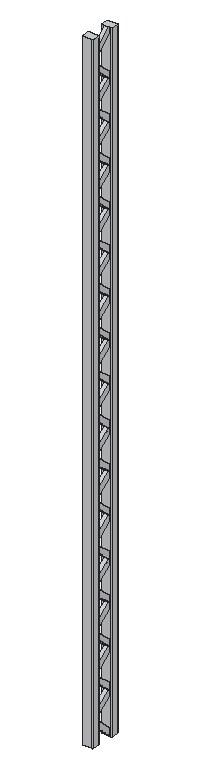
Revit family "GT24_4800_Rot", category Generic Models, Revit 2019
Family settings
  Can host rebar = No
  Round Connector Dimension = Use Diameter
  Part Type = Normal
  Work Plane-Based = Yes
  Always vertical = No
  Cut with Voids When Loaded = No
  Shared = No
  Room Calculation Point = No
Parameters
  Rot_Angle = 0.00°
  Default Elevation = 1219.2 mm
Reference planes
  plane 1 "Center (Front/Back)": y = 0
  plane 2: z = 0
  plane 3 "Center (Left/Right)": x = 0
Lines and regions (mm)
  reference lines
    curve 1: line (0, 0, 0) -> (0, 1160, 0)
Dimensions and locks
  "Rot_Angle": angle level to curve 1
  aligned and locked: level to plane 2
  aligned and locked: plane 1 "Center (Front/Back)" to curve 1
  aligned and locked: level to curve 1
Nested families
  nested 1: "GT24Grider4800" at (0, 0, 0), type "GT24Grider4800"
Definition of nested family "GT24Grider4800"
  Reference planes
    plane 1 "Center (Front/Back)": y = 0
    plane 2: z = 0
    plane 3 "Center (Left/Right)": x = 0
  Forms (mm)
    Extrusion 1, solid
      sketch origin (-40, 60, 0) x (1, 0, 0) y (0, 1, 0)
        loop
          line (5, 0) -> (75, 0)
          arc (75, 0) -> (78.536, 1.464) -> (80, 5) r 5
          line (80, 5) -> (80, 55)
          arc (80, 55) -> (78.536, 58.536) -> (75, 60) r 5
          line (75, 60) -> (5, 60)
          arc (5, 60) -> (1.464, 58.536) -> (0, 55) r 5
          line (0, 55) -> (0, 5)
          arc (0, 5) -> (1.464, 1.464) -> (5, 0) r 5
      from 0 to 4800
    Extrusion 2, solid
      sketch origin (-40, -60, 0) x (1, 0, 0) y (0, 1, 0)
        loop
          arc (5, 0) -> (1.464, -1.464) -> (0, -5) r 5
          line (0, -5) -> (0, -55)
          arc (0, -55) -> (1.464, -58.536) -> (5, -60) r 5
          line (5, -60) -> (75, -60)
          arc (75, -60) -> (78.536, -58.536) -> (80, -55) r 5
          line (80, -55) -> (80, -5)
          arc (80, -5) -> (78.536, -1.464) -> (75, 0) r 5
          line (75, 0) -> (5, 0)
      from 0 to 4800
    Extrusion 3, solid
      sketch origin (0, 0, 0) x (0, 1, 0) y (0, 0, 1)
        loop
          line (60, 261) -> (60, 311) -> (-60, 213) -> (-60, 163) -> (60, 261)
      from -14 to 14
    Extrusion 4, solid
      sketch origin (0, 0, 622) x (0, 1, 0) y (0, 0, 1)
        loop
          line (60, -261) -> (-60, -163) -> (-60, -213) -> (60, -311) -> (60, -261)
      from -14 to 14
    Extrusion 5, solid
      sketch origin (0, 0, 296) x (0, 1, 0) y (0, 0, 1)
        loop
          line (60, 261) -> (60, 311) -> (-60, 213) -> (-60, 163) -> (60, 261)
      from -14 to 14
    Extrusion 6, solid
      sketch origin (0, 0, 592) x (0, 1, 0) y (0, 0, 1)
        loop
          line (60, 261) -> (60, 311) -> (-60, 213) -> (-60, 163) -> (60, 261)
      from -14 to 14
    Extrusion 7, solid
      sketch origin (0, 0, 888) x (0, 1, 0) y (0, 0, 1)
        loop
          line (60, 261) -> (60, 311) -> (-60, 213) -> (-60, 163) -> (60, 261)
      from -14 to 14
    Extrusion 8, solid
      sketch origin (0, 0, 1184) x (0, 1, 0) y (0, 0, 1)
        loop
          line (60, 261) -> (60, 311) -> (-60, 213) -> (-60, 163) -> (60, 261)
      from -14 to 14
    Extrusion 9, solid
      sketch origin (0, 0, 1480) x (0, 1, 0) y (0, 0, 1)
        loop
          line (60, 261) -> (60, 311) -> (-60, 213) -> (-60, 163) -> (60, 261)
      from -14 to 14
    Extrusion 10, solid
      sketch origin (0, 0, 1776) x (0, 1, 0) y (0, 0, 1)
        loop
          line (60, 261) -> (60, 311) -> (-60, 213) -> (-60, 163) -> (60, 261)
      from -14 to 14
    Extrusion 11, solid
      sketch origin (0, 0, 4472) x (0, 1, 0) y (0, 0, 1)
        loop
          line (60, 278) -> (60, 328) -> (-60, 213) -> (-60, 163) -> (60, 278)
      from -14 to 14
    Extrusion 12, solid
      sketch origin (0, 0, 918) x (0, 1, 0) y (0, 0, 1)
        loop
          line (60, -261) -> (-60, -163) -> (-60, -213) -> (60, -311) -> (60, -261)
      from -14 to 14
    Extrusion 13, solid
      sketch origin (0, 0, 1214) x (0, 1, 0) y (0, 0, 1)
        loop
          line (60, -261) -> (-60, -163) -> (-60, -213) -> (60, -311) -> (60, -261)
      from -14 to 14
    Extrusion 14, solid
      sketch origin (0, 0, 1510) x (0, 1, 0) y (0, 0, 1)
        loop
          line (60, -261) -> (-60, -163) -> (-60, -213) -> (60, -311) -> (60, -261)
      from -14 to 14
    Extrusion 15, solid
      sketch origin (0, 0, 1806) x (0, 1, 0) y (0, 0, 1)
        loop
          line (60, -261) -> (-60, -163) -> (-60, -213) -> (60, -311) -> (60, -261)
      from -14 to 14
    Extrusion 16, solid
      sketch origin (0, 0, 2102) x (0, 1, 0) y (0, 0, 1)
        loop
          line (60, -261) -> (-60, -163) -> (-60, -213) -> (60, -311) -> (60, -261)
      from -14 to 14
    Extrusion 17, solid
      sketch origin (0, 0, 2398) x (0, 1, 0) y (0, 0, 1)
        loop
          line (60, -261) -> (-60, -163) -> (-60, -213) -> (60, -311) -> (60, -261)
      from -14 to 14
    Extrusion 18, solid
      sketch origin (0, 0, 326) x (0, 1, 0) y (0, 0, 1)
        loop
          line (60, -326) -> (60, -276) -> (-60, -163) -> (-60, -213) -> (60, -326)
      from -14 to 14
    Extrusion 19, solid
      sketch origin (0, 0, 2072) x (0, 1, 0) y (0, 0, 1)
        loop
          line (60, 261) -> (60, 311) -> (-60, 213) -> (-60, 163) -> (60, 261)
      from -14 to 14
    Extrusion 20, solid
      sketch origin (0, 0, 2694) x (0, 1, 0) y (0, 0, 1)
        loop
          line (60, -261) -> (-60, -163) -> (-60, -213) -> (60, -311) -> (60, -261)
      from -14 to 14
    Extrusion 21, solid
      sketch origin (0, 0, 2368) x (0, 1, 0) y (0, 0, 1)
        loop
          line (60, 261) -> (60, 311) -> (-60, 213) -> (-60, 163) -> (60, 261)
      from -14 to 14
    Extrusion 22, solid
      sketch origin (0, 0, 2990) x (0, 1, 0) y (0, 0, 1)
        loop
          line (60, -261) -> (-60, -163) -> (-60, -213) -> (60, -311) -> (60, -261)
      from -14 to 14
    Extrusion 23, solid
      sketch origin (0, 0, 2664) x (0, 1, 0) y (0, 0, 1)
        loop
          line (60, 261) -> (60, 311) -> (-60, 213) -> (-60, 163) -> (60, 261)
      from -14 to 14
    Extrusion 24, solid
      sketch origin (0, 0, 3286) x (0, 1, 0) y (0, 0, 1)
        loop
          line (60, -261) -> (-60, -163) -> (-60, -213) -> (60, -311) -> (60, -261)
      from -14 to 14
    Extrusion 25, solid
      sketch origin (0, 0, 2960) x (0, 1, 0) y (0, 0, 1)
        loop
          line (60, 261) -> (60, 311) -> (-60, 213) -> (-60, 163) -> (60, 261)
      from -14 to 14
    Extrusion 26, solid
      sketch origin (0, 0, 3582) x (0, 1, 0) y (0, 0, 1)
        loop
          line (60, -261) -> (-60, -163) -> (-60, -213) -> (60, -311) -> (60, -261)
      from -14 to 14
    Extrusion 27, solid
      sketch origin (0, 0, 3256) x (0, 1, 0) y (0, 0, 1)
        loop
          line (60, 261) -> (60, 311) -> (-60, 213) -> (-60, 163) -> (60, 261)
      from -14 to 14
    Extrusion 28, solid
      sketch origin (0, 0, 3878) x (0, 1, 0) y (0, 0, 1)
        loop
          line (60, -261) -> (-60, -163) -> (-60, -213) -> (60, -311) -> (60, -261)
      from -14 to 14
    Extrusion 29, solid
      sketch origin (0, 0, 3552) x (0, 1, 0) y (0, 0, 1)
        loop
          line (60, 261) -> (60, 311) -> (-60, 213) -> (-60, 163) -> (60, 261)
      from -14 to 14
    Extrusion 30, solid
      sketch origin (0, 0, 4174) x (0, 1, 0) y (0, 0, 1)
        loop
          line (60, -261) -> (-60, -163) -> (-60, -213) -> (60, -311) -> (60, -261)
      from -14 to 14
    Extrusion 31, solid
      sketch origin (0, 0, 3848) x (0, 1, 0) y (0, 0, 1)
        loop
          line (60, 261) -> (60, 311) -> (-60, 213) -> (-60, 163) -> (60, 261)
      from -14 to 14
    Extrusion 32, solid
      sketch origin (0, 0, 4470) x (0, 1, 0) y (0, 0, 1)
        loop
          line (60, -261) -> (-60, -163) -> (-60, -213) -> (60, -311) -> (60, -261)
      from -14 to 14
    Extrusion 33, solid
      sketch origin (0, 0, 4144) x (0, 1, 0) y (0, 0, 1)
        loop
          line (60, 261) -> (60, 311) -> (-60, 213) -> (-60, 163) -> (60, 261)
      from -14 to 14
    Extrusion 34, solid
      sketch origin (0, 0, 4766) x (0, 1, 0) y (0, 0, 1)
        loop
          line (60, -261) -> (-60, -163) -> (-60, -213) -> (60, -311) -> (60, -261)
      from -14 to 14
  Cuts and joins
    joined: Extrusion 1, Extrusion 2, Extrusion 3, Extrusion 4, Extrusion 5, Extrusion 6, Extrusion 7, Extrusion 8, Extrusion 9, Extrusion 10, Extrusion 11, Extrusion 12, Extrusion 13, Extrusion 14, Extrusion 15, Extrusion 16, Extrusion 17, Extrusion 18, Extrusion 19, Extrusion 20, Extrusion 21, Extrusion 22, Extrusion 23, Extrusion 24, Extrusion 25, Extrusion 26, Extrusion 27, Extrusion 28, Extrusion 29, Extrusion 30, Extrusion 31, Extrusion 32, Extrusion 33, Extrusion 34
  Dimensions and locks
    Extrusion 1 to Extrusion 2 = 240 mm
    aligned and locked: level to plane 2
